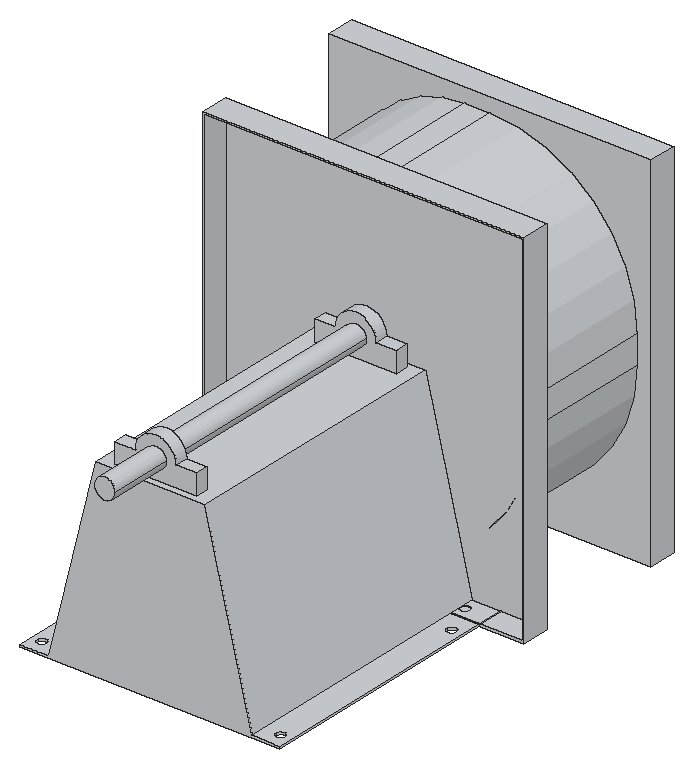
Revit family "CA-4_SWSI_ARR_1_CW_BHD", category Mechanical Equipment, Revit 2019
Family settings
  Round Connector Dimension = Use Radius
  Part Type = Normal
  Work Plane-Based = No
  Always vertical = Yes
  Cut with Voids When Loaded = No
  Shared = No
  Room Calculation Point = No
Parameters (values of type "120_CA-4_SWSI_ARR_1_CW_BHD_CLASS_2")
  S = 7 1/2"
  R = 11 7/16"
  P = 5 23/32"
  O/2 = O / 2  # 11/32"
  O = 11/16"
  ModelID [instance] = ""
  H = 10 3/8"
  E = 10 3/4"
  Accessories [instance] = ""
  ARR_1_U-D = ARR_1_U - D  # 21 5/8"
  ARR_1_K-D = ARR_1_K - D  # 17 5/8"
  ARR_1_J/2 = ARR_1_J / 2  # 23/32"
  ARR_1_J = 1 7/16"
  MOTOR_RAD = ARR_1_J * 3  # 4 5/16"
  M = 18 7/8"
  L = 3"
  K = 15 7/8"
  J = 2"
  INLET_RAD/2 = INLET_RAD / 2  # 4 1/16"
  INLET_RAD+1.5" = INLET_RAD + 1 1/2"  # 9 5/8"
  INLET_RAD = INLET_DIA / 2  # 8 1/8"
  INLET_DIA = 16 1/4"
  G-H = G - H  # 12 3/8"
  G/5 = G / 5  # 4.55"
  G = 22 3/4"
  F = 25 3/4"
  Unit Weight [instance] = ""
  Sones [instance] = ""
  Motor RPM [instance] = ""
  Motor Enclosure [instance] = ""
  LwA [instance] = ""
  Fan RPM [instance] = ""
  E-(INLET_RAD+1.5") = F - E - (INLET_RAD + 1 1/2")  # 5 3/8"
  E+(INLET_RAD+1.5") = F - E + (INLET_RAD + 1 1/2")  # 24 5/8"
  F-E = F - E  # 15"
  D-((D-B)/2) = D - ((D - B) / 2)  # 11 3/16"
  D = 13 3/16"
  B = 9 3/16"
  ARR_2_L-ARR_2_K = ARR_2_L - ARR_2_K  # 17 5/8"
  ARR_2_L = 21 5/8"
  ARR_2_K = 4"
  ARR_1_V = 4"
  ARR_1_U = 34 13/16"
  ARR_1_N = 15 1/8"
  ARR_1_M = 1"
  ARR_1_K = 30 13/16"
  ARR_1_H = 8 7/16"
  ARR_1_G = 9 3/16"
  A = 13 1/8"
  3" = 3"  # constant formula
  Brake Hp [instance] = ""
  4" = 4"  # constant formula
  2ARR_1_J+1" = ARR_1_J + ARR_1_J + 1"  # 3 7/8"
  2ARR_1_J = ARR_1_J + ARR_1_J  # 2 7/8"
  2' = 24"
  2" = 2"  # constant formula
  1" = 1"  # constant formula
  0 = 0"  # constant formula
  Voltage [instance] = 0 V
  URL = "www.lorencook.com"
  Type Comments = "Airfoil Centrifugal Blower Arrangement 1 Clockwise Bottom Horizontal Discharge"  # constant formula
  Static Pressure [instance] = 0.00 in-wg
  Power [instance] = Voltage * Motor FLA * sqrt(if(Phase = 3, 3, 1))  # 0 VA
  Phase [instance] = 0
  Number of Poles [instance] = 1
  Motor Hp [instance] = "0"
  Motor FLA [instance] = 0 A
  Model = "CA-4 SWSI ARR 1 CW BHD CLASS 2"
  Manufacturer = "Loren Cook Company"
  CFM [instance] = 0 CFM
  1.5 = 1 1/2"  # constant formula
  ONE EIGTH = 1/8"  # constant formula
  -ARR_1_J = -ARR_1_J  # -1 7/16"
  -(ARR_2_L - ARR_2_K) = -(ARR_2_L - ARR_2_K)  # -17 5/8"
  -(((K-B)/2)-.125") = -(((K - B) / 2) - 1/8")  # -3 7/32"
  -(((D - B) / 2) - 1/8") = -(((D - B) / 2) - 1/8")  # -1 7/8"
  (R-B)/2 = (R - B) / 2  # 1 1/8"
  ((K-B)/2)+B = ((K - B) / 2) + B  # 12 17/32"
  (D-B)/2 = (D - B) / 2  # 2"
  -(((K-B)/2)+L) = -(((K - B) / 2) + L)  # -6 11/32"
  ((D-B)/2)-.125" = ((D - B) / 2) - 1/8"  # 1 7/8"
Reference planes (in)
  plane 1 "Center (Front/Back)": y = 0
  plane 2: z = 0
  plane 3 "Center (Left/Right)": x = 0.40541
Forms (in)
  Extrusion 1, solid
    sketch origin (0, 0, 0) x (1, 0, 0) y (0, 0, 1)
      loop
        line (-9.96959, 0) -> (12.78041, 0) -> (12.78041, 25.75) -> (-9.96959, 25.75) -> (-9.96959, 0)
    from 0 to 2 <- "(D-B)/2"
  Extrusion 2, solid
    sketch origin (0, 0, 0) x (1, 0, 0) y (0, 0, 1)
      loop
        line (-9.96959, 25.75) -> (-9.96959, 0) -> (12.78041, 0) -> (12.78041, 25.75) -> (-9.96959, 25.75)
    from 13.1875 <- "D" to 11.1875 <- "D-((D-B)/2)"
  Extrusion 3, void
    sketch origin (0, 0, 0) x (1, 0, 0) y (0, 0, 1)
      loop
        line (-9.84459, 25.625) -> (-9.84459, 0.125) -> (12.65541, 0.125) -> (12.65541, 25.625) -> (-9.84459, 25.625)
    from 0 to 1.875 <- "((D-B)/2)-.125""
  Extrusion 4, void
    sketch origin (0, -13.1875, 0) x (-1, 0, 0) y (0, 0, 1)
      loop
        line (9.84459, 25.625) -> (-12.65541, 25.625) -> (-12.65541, 0.125) -> (9.84459, 0.125) -> (9.84459, 25.625)
    from 0 to 1.875 <- "((D-B)/2)-.125""
  Extrusion 5, solid
    sketch origin (0, -2, 0) x (1, 0, 0) y (0, 0, 1)
      loop
        arc (1.40541, 2) -> (8.74165, 5.03877) -> (11.78041, 12.375) r 10.375
        line (11.78041, 12.375) -> (11.78041, 14.375)
        arc (11.78041, 14.375) -> (8.74165, 21.71123) -> (1.40541, 24.75) r 10.375
        line (1.40541, 24.75) -> (-0.34459, 24.75)
        arc (-0.34459, 24.75) -> (-6.13402, 22.35194) -> (-8.53209, 16.5625) r 8.1875
        line (-8.53209, 16.5625) -> (-8.53209, 15.125) -> (-9.96959, 15.125) -> (-9.96959, 2) -> (1.40541, 2)
    from 0 to 9.1875 <- "B"
  Extrusion 6, solid
    sketch origin (0, -13.1875, 0) x (1, 0, 0) y (0, 0, 1)
      loop
        circle (0.40541, 15) r 0.71875
    from -1.875 <- "-(((D - B) / 2) - 1/8")" to 21.625 <- "ARR_1_U-D"
  Extrusion 7, void
    sketch origin (0, 0, 0) x (1, 0, 0) y (0, 1, 0)
      loop
        circle (-7.09459, -0.875) r 0.34375
      loop
        circle (7.90541, -0.875) r 0.34375
      loop
        circle (7.90541, -12.3125) r 0.34375
      loop
        circle (-7.09459, -12.3125) r 0.34375
    from -0.25 to 0.25
  Revolve 8, void
    sketch origin (0.40541, 0, 0) x (0, 1, 0) y (0, 0, 1)
      loop
        arc (-1.875, 23.125) -> (-3.06488, 20.25238) -> (-5.9375, 19.0625) r 4.0625
        line (-5.9375, 19.0625) -> (-5.9375, 15.71875) -> (-1.875, 15.71875) -> (-1.875, 23.125)
      axis (-5.9375, 15) -> (-1.875, 15)
    angle from 0 to 360
  Extrusion 9, solid
    sketch origin (0, -13.1875, 0) x (1, 0, 0) y (0, 0, 1)
      loop
        line (-8.78209, 0) -> (9.59291, 0) -> (9.59291, 0.125) -> (7.59291, 0.125) -> (4.28041, 13.5625) -> (-3.46959, 13.5625) -> (-6.78209, 0.125) -> (-8.78209, 0.125) -> (-8.78209, 0)
    from -1.875 <- "-(((D - B) / 2) - 1/8")" to 17.625 <- "ARR_1_K-D"
  Extrusion 10, solid
    sketch origin (0, -30.8125, 0) x (1, 0, 0) y (0, 0, 1)
      loop
        line (-2.46959, 13.5625) -> (3.28041, 13.5625) -> (3.28041, 15) -> (1.84291, 15)
        arc (1.84291, 15) -> (0.40541, 16.4375) -> (-1.03209, 15) r 1.4375
        line (-1.03209, 15) -> (-2.46959, 15) -> (-2.46959, 13.5625)
      loop
        circle (0.40541, 15) r 0.71875
    from -1.4375 <- "-ARR_1_J" to -0.5
  Extrusion 11, solid
    sketch origin (0, -11.1875, 0) x (-1, 0, 0) y (0, 0, 1)
      loop
        line (2.46959, 15) -> (1.03209, 15)
        arc (1.03209, 15) -> (-0.40541, 16.4375) -> (-1.84291, 15) r 1.4375
        line (-1.84291, 15) -> (-3.28041, 15) -> (-3.28041, 13.5625) -> (2.46959, 13.5625) -> (2.46959, 15)
      loop
        circle (-0.40541, 15) r 0.71875
    from -0.5 to -1.4375 <- "-ARR_1_J"
  Extrusion 12, void
    sketch origin (0, 0, 0) x (1, 0, 0) y (0, 1, 0)
      loop
        circle (8.84291, -14.6875) r 0.34375
      loop
        circle (8.84291, -29.8125) r 0.34375
      loop
        circle (-8.03209, -29.8125) r 0.34375
      loop
        circle (-8.03209, -14.6875) r 0.34375
    from 0.25 to -0.25
Cuts and joins
  Extrusion 3, Extrusion 7, Revolve 8 cuts Extrusion 1
  Extrusion 4, Extrusion 7 cuts Extrusion 2
  Revolve 8 cuts Extrusion 5
  Extrusion 12 cuts Extrusion 9
Dimensions and locks (in)
  "0": Extrusion 1 sketch curve to level
  "F": Extrusion 1 sketch curve to Extrusion 1 sketch curve
  "G-H": Extrusion 1 sketch curve to plane 3 "Center (Left/Right)"
  "G": Extrusion 1 sketch curve to Extrusion 1 sketch curve
  "0": Extrusion 2 sketch curve to level
  "0": Extrusion 1 to Extrusion 2 sketch curve  (x2)
  "0": Extrusion 2 sketch curve to Extrusion 1
  "ONE EIGTH": Extrusion 2 to Extrusion 3 sketch curve  (x2)
  "ONE EIGTH": Extrusion 3 sketch curve to Extrusion 2
  "ONE EIGTH": Extrusion 3 sketch curve to level
  "ONE EIGTH": Extrusion 4 sketch curve to Extrusion 2  (x2)
  "ONE EIGTH": Extrusion 2 to Extrusion 4 sketch curve
  "ONE EIGTH": Extrusion 4 sketch curve to level
  "A": Extrusion 5 sketch curve to Extrusion 5 sketch curve
  "F-E": Extrusion 6 sketch curve to level
  "0": Extrusion 6 sketch curve to plane 3 "Center (Left/Right)"
  "S": Extrusion 7 sketch curve to plane 3 "Center (Left/Right)"  (x2)
  "S": plane 3 "Center (Left/Right)" to Extrusion 7 sketch curve  (x2)
  "(R-B)/2": cut or joined group of Extrusion 1, Extrusion 3, Extrusion 7, Revolve 8 to Extrusion 7 sketch curve  (x2)
  "(R-B)/2": cut or joined group of Extrusion 2, Extrusion 4, Extrusion 7 to Extrusion 7 sketch curve  (x2)
  "F-E": Revolve 8 sketch curve to level
  "ARR_1_J/2": Revolve 8 sketch curve to Revolve 8 sketch curve
  "INLET_RAD/2": Revolve 8 sketch curve to Revolve 8 sketch curve  (x2)
  "INLET_RAD": Revolve 8 sketch curve to Revolve 8 sketch curve
  "0": Revolve 8 sketch curve to cut or joined group of Extrusion 1, Extrusion 3, Extrusion 7, Revolve 8
  "ARR_1_G": Extrusion 9 sketch curve to plane 3 "Center (Left/Right)"
  "ARR_1_G": plane 3 "Center (Left/Right)" to Extrusion 9 sketch curve
  "2ARR_1_J+1"": Extrusion 9 sketch curve to plane 3 "Center (Left/Right)"
  "2ARR_1_J+1"": plane 3 "Center (Left/Right)" to Extrusion 9 sketch curve
  "2"": Extrusion 9 sketch curve to Extrusion 9 sketch curve  (x2)
  "0": Extrusion 9 sketch curve to level
  "ONE EIGTH": Extrusion 9 sketch curve to Extrusion 9 sketch curve  (x2)
  "ARR_1_J/2": Extrusion 6 to Extrusion 9 sketch curve
  "2ARR_1_J": Extrusion 10 sketch curve to plane 3 "Center (Left/Right)"
  "2ARR_1_J": plane 3 "Center (Left/Right)" to Extrusion 10 sketch curve
  "0": Extrusion 10 sketch curve to Extrusion 9
  "ARR_1_J": Extrusion 10 sketch curve to Extrusion 10 sketch curve
  "0": Extrusion 10 sketch curve to plane 3 "Center (Left/Right)"
  "0": plane 3 "Center (Left/Right)" to Extrusion 10 sketch curve
  "0": Extrusion 10 sketch curve to Extrusion 10 sketch curve
  "0": Extrusion 11 sketch curve to Extrusion 9
  "ARR_1_J": Extrusion 11 sketch curve to Extrusion 11 sketch curve  (x2)
  "0": Extrusion 11 sketch curve to Extrusion 11 sketch curve
  "2ARR_1_J": plane 3 "Center (Left/Right)" to Extrusion 11 sketch curve
  "2ARR_1_J": Extrusion 11 sketch curve to plane 3 "Center (Left/Right)"
  "0": Extrusion 11 sketch curve to plane 3 "Center (Left/Right)"
  "0": plane 3 "Center (Left/Right)" to Extrusion 11 sketch curve
  "0": Extrusion 11 sketch curve to Extrusion 10
  "ARR_1_H": plane 3 "Center (Left/Right)" to Extrusion 12 sketch curve  (x2)
  "ARR_1_H": Extrusion 12 sketch curve to plane 3 "Center (Left/Right)"  (x2)
  "ARR_1_M": Extrusion 9 to Extrusion 12 sketch curve  (x2)
  "ARR_1_N": Extrusion 12 sketch curve to Extrusion 12 sketch curve  (x2)
  "1"": Extrusion 5 sketch curve to cut or joined group of Extrusion 2, Extrusion 4, Extrusion 7
  "0": Extrusion 5 sketch curve to cut or joined group of Extrusion 2, Extrusion 4, Extrusion 7
  "J": Extrusion 5 sketch curve to level
  "ARR_1_J": cut or joined group of Extrusion 2, Extrusion 4, Extrusion 7 to Extrusion 5 sketch curve
  "1"": cut or joined group of Extrusion 2, Extrusion 4, Extrusion 7 to Extrusion 5 sketch curve
  "ARR_1_J": Extrusion 5 sketch curve to Extrusion 5 sketch curve
  "1"": Extrusion 5 sketch curve to plane 3 "Center (Left/Right)"  (x2)
  "ARR_1_J/2": radius of Extrusion 6 sketch curve
  "O/2": radius of Extrusion 7 sketch curve  (x4)
  "ARR_1_J": radius of Extrusion 10 sketch curve
  "ARR_1_J/2": radius of Extrusion 10 sketch curve
  "ARR_1_J": radius of Extrusion 11 sketch curve
  "ARR_1_J/2": radius of Extrusion 11 sketch curve
  "O/2": radius of Extrusion 12 sketch curve  (x4)
Automatic sketch dimensions
  Revolve 8 sketch curve to Revolve 8 sketch curve = 53.38466"
  Revolve 8 sketch curve to plane 1 "Center (Front/Back)" = 17.32447"
Connectors (in)
  hvac at (-9.96959, -6.59375, 8.5625), driven by "CFM", driven by "A", driven by "B"
    settings: on cut or joined group of Extrusion 5, Revolve 8, index 1, duct flow 0 CFM, flow factor 0, pres drop 0.00 in-wg, loss coef 0, conn angle 0.00°, conn width 9 3/16", conn height 13 1/8", conn diameter 24", duct sys type 29, conn prof type 1, flow config 0, flow direction 2, loss method 0, conn ref index -1, conn util no, is conn primary yes, conn desc ""
  hvac at (0.40541, -2, 15), driven by "CFM", driven by "INLET_RAD"
    settings: on cut or joined group of Extrusion 1, Extrusion 3, Extrusion 7, Revolve 8, index 2, duct flow 0 CFM, flow factor 0, pres drop 0.00 in-wg, loss coef 0, conn angle 0.00°, conn width 12", conn height 12", conn diameter 16 1/4", duct sys type 29, conn prof type 0, flow config 0, flow direction 1, loss method 0, conn ref index -1, conn util no, is conn primary no, conn desc ""
Types (55): name | S | R | P | O/2 | O | H | E | ARR_1_U-D | ARR_1_K-D | ARR_1_J/2 | ARR_1_J | MOTOR_RAD | M | L | K | J | INLET_RAD/2 | INLET_RAD+1.5" | INLET_RAD | INLET_DIA | G-H | G/5 | G | F | E-(INLET_RAD+1.5") | E+(INLET_RAD+1.5") | F-E | D-((D-B)/2) | D | B | ARR_2_L-ARR_2_K | ARR_2_L | ARR_2_K | ARR_1_V | ARR_1_U | ARR_1_N | ARR_1_M | ARR_1_K | ARR_1_H | ARR_1_G | A | 2ARR_1_J+1" | 2ARR_1_J | Model | -ARR_1_J | -(ARR_2_L - ARR_2_K) | -(((K-B)/2)-.125") | -(((D - B) / 2) - 1/8") | (R-B)/2 | ((K-B)/2)+B | (D-B)/2 | -(((K-B)/2)+L) | ((D-B)/2)-.125"
  (no name) | 7 1/2" | 11 7/16" | 5 23/32" | 11/32" | 11/16" | 10 3/8" | 10 3/4" | 21 5/8" | 17 5/8" | 23/32" | 1 7/16" | 4 5/16" | 18 7/8" | 3" | 15 7/8" | 2" | 4 1/16" | 9 5/8" | 8 1/8" | 16 1/4" | 12 3/8" | 4.55" | 22 3/4" | 25 3/4" | 5 3/8" | 24 5/8" | 15" | 11 3/16" | 13 3/16" | 9 3/16" | 17 5/8" | 21 5/8" | 4" | 4" | 34 13/16" | 15 1/8" | 1" | 30 13/16" | 8 7/16" | 9 3/16" | 13 1/8" | 3 7/8" | 2 7/8" | "CA-4 SWSI ARR 1 CW BHD CLASS 2" | -1 7/16" | -17 5/8" | -3 7/32" | -1 7/8" | 1 1/8" | 12 17/32" | 2" | -6 11/32" | 1 7/8"
  120_CA-4_SWSI_ARR_1_CW_BHD_CLASS_1 | 7 1/2" | 11 7/16" | 5 23/32" | 11/32" | 11/16" | 10 3/8" | 10 3/4" | 21 5/8" | 17 5/8" | 19/32" | 1 3/16" | 3 9/16" | 18 7/8" | 3" | 15 7/8" | 2" | 4 1/16" | 9 5/8" | 8 1/8" | 16 1/4" | 12 3/8" | 4.55" | 22 3/4" | 25 3/4" | 5 3/8" | 24 5/8" | 15" | 11 3/16" | 13 3/16" | 9 3/16" | 17 5/8" | 21 5/8" | 4" | 4" | 34 13/16" | 15 1/8" | 1" | 30 13/16" | 8 7/16" | 9 3/16" | 13 1/8" | 3 3/8" | 2 3/8" | "CA-4 SWSI ARR 1 CW BHD CLASS 1" | -1 3/16" | -17 5/8" | -3 7/32" | -1 7/8" | 1 1/8" | 12 17/32" | 2" | -6 11/32" | 1 7/8"
  135_CA-4_SWSI_ARR_1_CW_BHD_CLASS_1 | 8 1/2" | 12 9/16" | 6 9/32" | 11/32" | 11/16" | 11 5/8" | 12" | 21 5/8" | 17 5/8" | 19/32" | 1 3/16" | 3 9/16" | 20" | 3" | 17" | 2" | 4 7/16" | 10 3/8" | 8 7/8" | 17 3/4" | 13 7/8" | 5.1" | 25 1/2" | 28 3/4" | 6 3/8" | 27 1/8" | 16 3/4" | 12 5/16" | 14 5/16" | 10 5/16" | 17 5/8" | 21 5/8" | 4" | 4" | 35 15/16" | 15 1/8" | 1" | 31 15/16" | 9 3/16" | 9 15/16" | 14 3/4" | 3 3/8" | 2 3/8" | "CA-4 SWSI ARR 1 CW BHD CLASS 1" | -1 3/16" | -17 5/8" | -3 7/32" | -1 7/8" | 1 1/8" | 13 21/32" | 2" | -6 11/32" | 1 7/8"
  150_CA-4_SWSI_ARR_1_CW_BHD_CLASS_1 | 9" | 13 11/16" | 6 27/32" | 11/32" | 11/16" | 12 7/8" | 13 1/4" | 21 5/8" | 17 5/8" | 19/32" | 1 3/16" | 3 9/16" | 21 1/8" | 3" | 18 1/8" | 2" | 4 13/16" | 11 1/8" | 9 5/8" | 19 1/4" | 15 1/4" | 5 5/8" | 28 1/8" | 31 5/8" | 7 1/4" | 29 1/2" | 18 3/8" | 13 7/16" | 15 7/16" | 11 7/16" | 17 5/8" | 21 5/8" | 4" | 4" | 37 1/16" | 15 1/8" | 1" | 33 1/16" | 9 15/16" | 10 11/16" | 16 7/16" | 3 3/8" | 2 3/8" | "CA-4 SWSI ARR 1 CW BHD CLASS 1" | -1 3/16" | -17 5/8" | -3 7/32" | -1 7/8" | 1 1/8" | 14 25/32" | 2" | -6 11/32" | 1 7/8"
  165_CA-4_SWSI_ARR_1_CW_BHD_CLASS_1 | 10" | 14 7/8" | 7 7/16" | 11/32" | 11/16" | 14 1/4" | 14 3/8" | 21 5/8" | 17 5/8" | 19/32" | 1 3/16" | 3 9/16" | 23 15/16" | 4" | 19 5/16" | 2" | 5 5/16" | 12 1/8" | 10 5/8" | 21 1/4" | 16 5/8" | 6.175" | 30 7/8" | 34 3/8" | 7 7/8" | 32 1/8" | 20" | 14 5/8" | 16 5/8" | 12 5/8" | 17 5/8" | 21 5/8" | 4" | 4" | 38 1/4" | 15 1/8" | 1" | 34 1/4" | 10 15/16" | 11 11/16" | 18 1/16" | 3 3/8" | 2 3/8" | "CA-4 SWSI ARR 1 CW BHD CLASS 1" | -1 3/16" | -17 5/8" | -3 7/32" | -1 7/8" | 1 1/8" | 15 31/32" | 2" | -7 11/32" | 1 7/8"
  180_CA-4_SWSI_ARR_1_CW_BHD_CLASS_1 | 11" | 16" | 8" | 11/32" | 11/16" | 15 1/2" | 15 5/8" | 24 3/8" | 20 1/8" | 19/32" | 1 3/16" | 3 9/16" | 24 15/16" | 4 1/2" | 20 7/16" | 2" | 5 11/16" | 12 7/8" | 11 3/8" | 22 3/4" | 18 1/8" | 6.725" | 33 5/8" | 37 1/8" | 8 5/8" | 34 3/8" | 21 1/2" | 15 3/4" | 17 3/4" | 13 3/4" | 20 1/8" | 24 3/8" | 4 1/4" | 4 1/4" | 42 1/8" | 17 5/8" | 1" | 37 7/8" | 11 11/16" | 12 7/16" | 19 11/16" | 3 3/8" | 2 3/8" | "CA-4 SWSI ARR 1 CW BHD CLASS 1" | -1 3/16" | -20 1/8" | -3 7/32" | -1 7/8" | 1 1/8" | 17 3/32" | 2" | -7 27/32" | 1 7/8"
  195_CA-4_SWSI_ARR_1_CW_BHD_CLASS_1 | 11 1/2" | 17 3/16" | 8 19/32" | 11/32" | 11/16" | 16 3/4" | 16 3/4" | 24 3/8" | 20 1/8" | 19/32" | 1 3/16" | 3 9/16" | 27 3/16" | 4 1/2" | 22 11/16" | 2" | 6 1/16" | 13 5/8" | 12 1/8" | 24 1/4" | 19 1/2" | 7 1/4" | 36 1/4" | 40" | 9 5/8" | 36 7/8" | 23 1/4" | 16 15/16" | 18 15/16" | 14 15/16" | 20 1/8" | 24 3/8" | 4 1/4" | 4 1/4" | 43 5/16" | 17 5/8" | 1" | 39 1/16" | 12 7/16" | 13 3/16" | 21 5/16" | 3 3/8" | 2 3/8" | "CA-4 SWSI ARR 1 CW BHD CLASS 1" | -1 3/16" | -20 1/8" | -3 3/4" | -1 7/8" | 1 1/8" | 18 13/16" | 2" | -8 3/8" | 1 7/8"
  210_CA-4_SWSI_ARR_1_CW_BHD_CLASS_1 | 12" | 18 5/16" | 9 5/32" | 13/32" | 13/16" | 18 1/8" | 18" | 26 3/8" | 22 1/8" | 23/32" | 1 7/16" | 4 5/16" | 28 13/16" | 5" | 23 13/16" | 2" | 6 1/2" | 14 1/2" | 13" | 26" | 21" | 7.825" | 39 1/8" | 42 7/8" | 10 3/8" | 39 3/8" | 24 7/8" | 18 1/16" | 20 1/16" | 16 1/16" | 23 1/8" | 27 3/8" | 4 1/4" | 4 1/4" | 46 7/16" | 19 9/16" | 1" | 42 3/16" | 13 5/16" | 14 1/16" | 23" | 3 7/8" | 2 7/8" | "CA-4 SWSI ARR 1 CW BHD CLASS 1" | -1 7/16" | -23 1/8" | -3 3/4" | -1 7/8" | 1 1/8" | 19 15/16" | 2" | -8 7/8" | 1 7/8"
  225_CA-4_SWSI_ARR_1_CW_BHD_CLASS_1 | 12 1/2" | 19 7/16" | 9 23/32" | 13/32" | 13/16" | 19 3/8" | 19 1/4" | 26 3/8" | 22 1/8" | 23/32" | 1 7/16" | 4 5/16" | 29 15/16" | 5" | 24 15/16" | 2" | 6 7/8" | 15 1/4" | 13 3/4" | 27 1/2" | 22 3/8" | 8.35" | 41 3/4" | 45 3/4" | 11 1/4" | 41 3/4" | 26 1/2" | 19 3/16" | 21 3/16" | 17 3/16" | 23 1/8" | 27 3/8" | 4 1/4" | 4 1/4" | 47 9/16" | 19 9/16" | 1" | 43 5/16" | 14 1/16" | 14 13/16" | 24 5/8" | 3 7/8" | 2 7/8" | "CA-4 SWSI ARR 1 CW BHD CLASS 1" | -1 7/16" | -23 1/8" | -3 3/4" | -1 7/8" | 1 1/8" | 21 1/16" | 2" | -8 7/8" | 1 7/8"
  245_CA-4_SWSI_ARR_1_CW_BHD_CLASS_1 | 13 1/2" | 21" | 10 1/2" | 13/32" | 13/16" | 21 1/8" | 20 7/8" | 27 13/16" | 22 5/8" | 27/32" | 1 11/16" | 5 1/16" | 32" | 5 1/2" | 26 1/2" | 2" | 7 3/8" | 16 1/4" | 14 3/4" | 29 1/2" | 24 1/4" | 9.075" | 45 3/8" | 49 1/2" | 12 3/8" | 44 7/8" | 28 5/8" | 20 3/4" | 22 3/4" | 18 3/4" | 22 9/16" | 27 13/16" | 5 1/4" | 5 1/4" | 50 9/16" | 20 1/8" | 1" | 45 3/8" | 15 1/16" | 15 13/16" | 26 13/16" | 4 3/8" | 3 3/8" | "CA-4 SWSI ARR 1 CW BHD CLASS 1" | -1 11/16" | -22 9/16" | -3 3/4" | -1 7/8" | 1 1/8" | 22 5/8" | 2" | -9 3/8" | 1 7/8"
  270_CA-4_SWSI_ARR_1_CW_BHD_CLASS_1 | 15" | 22 7/8" | 11 7/16" | 13/32" | 13/16" | 23 1/4" | 23 3/8" | 27 13/16" | 22 5/8" | 27/32" | 1 11/16" | 5 1/16" | 34 3/8" | 6" | 28 3/8" | 2" | 8" | 17 1/2" | 16" | 32" | 26 5/8" | 9.975" | 49 7/8" | 54 3/4" | 13 7/8" | 48 7/8" | 31 3/8" | 22 5/8" | 24 5/8" | 20 5/8" | 22 9/16" | 27 13/16" | 5 1/4" | 5 1/4" | 52 7/16" | 20 1/8" | 1" | 47 1/4" | 16 7/16" | 17 3/16" | 29 9/16" | 4 3/8" | 3 3/8" | "CA-4 SWSI ARR 1 CW BHD CLASS 1" | -1 11/16" | -22 9/16" | -3 3/4" | -1 7/8" | 1 1/8" | 24 1/2" | 2" | -9 7/8" | 1 7/8"
  300_CA-4_SWSI_ARR_1_CW_BHD_CLASS_1 | 16 1/2" | 25 3/16" | 12 19/32" | 13/32" | 13/16" | 25 7/8" | 25 3/8" | 30 3/4" | 24 7/8" | 31/32" | 1 15/16" | 5 13/16" | 37 3/16" | 6 1/2" | 30 11/16" | 2" | 8 3/4" | 19" | 17 1/2" | 35" | 29 1/2" | 11.075" | 55 3/8" | 60" | 15 5/8" | 53 5/8" | 34 5/8" | 24 15/16" | 26 15/16" | 22 15/16" | 24 7/8" | 30 3/4" | 5 7/8" | 5 7/8" | 57 11/16" | 22 3/8" | 1" | 51 13/16" | 17 15/16" | 18 11/16" | 32 13/16" | 4 7/8" | 3 7/8" | "CA-4 SWSI ARR 1 CW BHD CLASS 1" | -1 15/16" | -24 7/8" | -3 3/4" | -1 7/8" | 1 1/8" | 26 13/16" | 2" | -10 3/8" | 1 7/8"
  330_CA-4_SWSI_ARR_1_CW_BHD_CLASS_1 | 18" | 27 1/2" | 13 3/4" | 13/32" | 13/16" | 28 3/8" | 27 7/8" | 30 3/4" | 24 7/8" | 31/32" | 1 15/16" | 5 13/16" | 40" | 7" | 33" | 2" | 9 1/2" | 20 1/2" | 19" | 38" | 32 3/8" | 12.15" | 60 3/4" | 65 3/4" | 17 3/8" | 58 3/8" | 37 7/8" | 27 1/4" | 29 1/4" | 25 1/4" | 24 7/8" | 30 3/4" | 5 7/8" | 5 7/8" | 60" | 22 3/8" | 1" | 54 1/8" | 19 7/16" | 20 3/16" | 36 1/8" | 4 7/8" | 3 7/8" | "CA-4 SWSI ARR 1 CW BHD CLASS 1" | -1 15/16" | -24 7/8" | -3 3/4" | -1 7/8" | 1 1/8" | 29 1/8" | 2" | -10 7/8" | 1 7/8"
  365_CA-4_SWSI_ARR_1_CW_BHD_CLASS_1 | 20" | 30 1/8" | 15 1/16" | 13/32" | 13/16" | 31 3/8" | 30 5/8" | 33" | 27 1/8" | 1 3/32" | 2 3/16" | 6 9/16" | 43 1/8" | 7 1/2" | 35 5/8" | 2" | 10 3/8" | 22 1/4" | 20 3/4" | 41 1/2" | 35 5/8" | 13.4" | 67" | 72 3/8" | 19 1/2" | 64" | 41 3/4" | 29 7/8" | 31 7/8" | 27 7/8" | 27 1/8" | 33" | 5 7/8" | 5 7/8" | 64 7/8" | 24 5/8" | 1" | 59" | 21 11/16" | 22 7/16" | 39 15/16" | 5 3/8" | 4 3/8" | "CA-4 SWSI ARR 1 CW BHD CLASS 1" | -2 3/16" | -27 1/8" | -3 3/4" | -1 7/8" | 1 1/8" | 31 3/4" | 2" | -11 3/8" | 1 7/8"
  402_CA-4_SWSI_ARR_1_CW_BHD_CLASS_1 | 22" | 34 1/4" | 17 1/8" | 17/32" | 1 1/16" | 34 5/8" | 33 5/8" | 31 5/16" | 26 3/16" | 1 3/32" | 2 3/16" | 6 9/16" | 46 5/8" | 8" | 38 5/8" | 3" | 11 5/16" | 24 1/8" | 22 5/8" | 45 1/4" | 39 1/4" | 14.775" | 73 7/8" | 80 3/8" | 22 5/8" | 70 7/8" | 46 3/4" | 33 3/4" | 36 3/4" | 30 3/4" | 25 7/16" | 31 5/16" | 5 7/8" | 5 7/8" | 68 1/16" | 23 13/16" | 1 1/4" | 62 15/16" | 22 3/8" | 24 3/8" | 44 1/16" | 5 3/8" | 4 3/8" | "CA-4 SWSI ARR 1 CW BHD CLASS 1" | -2 3/16" | -25 7/16" | -3 13/16" | -2 7/8" | 1 3/4" | 34 11/16" | 3" | -11 15/16" | 2 7/8"
  445_CA-4_SWSI_ARR_1_CW_BHD_CLASS_1 | 24" | 37 1/2" | 18 3/4" | 17/32" | 1 1/16" | 38 1/4" | 37 1/8" | 33 1/16" | 26 15/16" | 1 7/32" | 2 7/16" | 7 5/16" | 50 3/8" | 8 1/2" | 41 7/8" | 3" | 12 3/8" | 26 1/4" | 24 3/4" | 49 1/2" | 43 1/4" | 16.3" | 81 1/2" | 88 1/2" | 25 1/8" | 77 5/8" | 51 3/8" | 37" | 40" | 34" | 26 11/16" | 33 1/16" | 6 3/8" | 6 3/8" | 73 1/16" | 24 9/16" | 1 1/4" | 66 15/16" | 25 1/2" | 26 1/2" | 48 11/16" | 5 7/8" | 4 7/8" | "CA-4 SWSI ARR 1 CW BHD CLASS 1" | -2 7/16" | -26 11/16" | -3 13/16" | -2 7/8" | 1 3/4" | 37 15/16" | 3" | -12 7/16" | 2 7/8"
  490_CA-4_SWSI_ARR_1_CW_BHD_CLASS_1 | 26 1/2" | 40 15/16" | 20 15/32" | 17/32" | 1 1/16" | 42 1/4" | 40 3/4" | 33 1/16" | 26 15/16" | 1 7/32" | 2 7/16" | 7 5/16" | 55 5/16" | 9" | 46 5/16" | 3" | 13 3/4" | 29" | 27 1/2" | 55" | 47 1/2" | 17.95" | 89 3/4" | 97" | 27 1/4" | 85 1/4" | 56 1/4" | 40 7/16" | 43 7/16" | 37 7/16" | 26 11/16" | 33 1/16" | 6 3/8" | 6 3/8" | 76 1/2" | 24 9/16" | 1 1/4" | 70 3/8" | 28 1/4" | 29 1/4" | 53 5/8" | 5 7/8" | 4 7/8" | "CA-4 SWSI ARR 1 CW BHD CLASS 1" | -2 7/16" | -26 11/16" | -4 5/16" | -2 7/8" | 1 3/4" | 41 7/8" | 3" | -13 7/16" | 2 7/8"
  540_CA-4_SWSI_ARR_1_CW_BHD_CLASS_1 | 29" | 44 3/4" | 22 3/8" | 17/32" | 1 1/16" | 46 1/2" | 44 7/8" | 34 3/8" | 27" | 1 15/32" | 2 15/16" | 8 13/16" | 61 5/8" | 9 1/2" | 52 1/8" | 3" | 15" | 31 1/2" | 30" | 60" | 52 1/4" | 19 3/4" | 98 3/4" | 106 5/8" | 30 1/4" | 93 1/4" | 61 3/4" | 44 1/4" | 47 1/4" | 41 1/4" | 26 7/8" | 34 3/8" | 7 1/2" | 7 1/2" | 81 5/8" | 24 9/16" | 1 1/4" | 74 1/4" | 30 3/4" | 31 3/4" | 59 1/16" | 6 7/8" | 5 7/8" | "CA-4 SWSI ARR 1 CW BHD CLASS 1" | -2 15/16" | -26 7/8" | -5 5/16" | -2 7/8" | 1 3/4" | 46 11/16" | 3" | -14 15/16" | 2 7/8"
  600_CA-4_SWSI_ARR_1_CW_BHD_CLASS_1 | 32" | 49 5/16" | 24 21/32" | 17/32" | 1 1/16" | 51 5/8" | 49 3/4" | 34 3/8" | 27" | 1 15/32" | 2 15/16" | 8 13/16" | 66 11/16" | 10" | 56 11/16" | 3" | 16 1/2" | 34 1/2" | 33" | 66" | 58" | 21.925" | 109 5/8" | 118" | 33 3/4" | 102 3/4" | 68 1/4" | 48 13/16" | 51 13/16" | 45 13/16" | 26 7/8" | 34 3/8" | 7 1/2" | 7 1/2" | 86 3/16" | 24 9/16" | 1 1/4" | 78 13/16" | 33 3/4" | 34 3/4" | 65 5/8" | 6 7/8" | 5 7/8" | "CA-4 SWSI ARR 1 CW BHD CLASS 1" | -2 15/16" | -26 7/8" | -5 5/16" | -2 7/8" | 1 3/4" | 51 1/4" | 3" | -15 7/16" | 2 7/8"
  120_CA-4_SWSI_ARR_1_CW_BHD_CLASS_2 | 7 1/2" | 11 7/16" | 5 23/32" | 11/32" | 11/16" | 10 3/8" | 10 3/4" | 21 5/8" | 17 5/8" | 23/32" | 1 7/16" | 4 5/16" | 18 7/8" | 3" | 15 7/8" | 2" | 4 1/16" | 9 5/8" | 8 1/8" | 16 1/4" | 12 3/8" | 4.55" | 22 3/4" | 25 3/4" | 5 3/8" | 24 5/8" | 15" | 11 3/16" | 13 3/16" | 9 3/16" | 17 5/8" | 21 5/8" | 4" | 4" | 34 13/16" | 15 1/8" | 1" | 30 13/16" | 8 7/16" | 9 3/16" | 13 1/8" | 3 7/8" | 2 7/8" | "CA-4 SWSI ARR 1 CW BHD CLASS 2" | -1 7/16" | -17 5/8" | -3 7/32" | -1 7/8" | 1 1/8" | 12 17/32" | 2" | -6 11/32" | 1 7/8"
  120_CA-4_SWSI_ARR_1_CW_BHD_CLASS_3 | 7 1/2" | 11 7/16" | 5 23/32" | 11/32" | 11/16" | 10 3/8" | 10 3/4" | 21 5/8" | 17 5/8" | 23/32" | 1 7/16" | 4 5/16" | 18 7/8" | 3" | 15 7/8" | 2" | 4 1/16" | 9 5/8" | 8 1/8" | 16 1/4" | 12 3/8" | 4.55" | 22 3/4" | 25 3/4" | 5 3/8" | 24 5/8" | 15" | 11 3/16" | 13 3/16" | 9 3/16" | 17 5/8" | 21 5/8" | 4" | 4" | 34 13/16" | 15 1/8" | 1" | 30 13/16" | 8 7/16" | 9 3/16" | 13 1/8" | 3 7/8" | 2 7/8" | "CA-4 SWSI ARR 1 CW BHD CLASS 3" | -1 7/16" | -17 5/8" | -3 7/32" | -1 7/8" | 1 1/8" | 12 17/32" | 2" | -6 11/32" | 1 7/8"
  135_CA-4_SWSI_ARR_1_CW_BHD_CLASS_2 | 8 1/2" | 12 9/16" | 6 9/32" | 11/32" | 11/16" | 11 5/8" | 12" | 21 5/8" | 17 5/8" | 23/32" | 1 7/16" | 4 5/16" | 20" | 3" | 17" | 2" | 4 7/16" | 10 3/8" | 8 7/8" | 17 3/4" | 13 7/8" | 5.1" | 25 1/2" | 28 3/4" | 6 3/8" | 27 1/8" | 16 3/4" | 12 5/16" | 14 5/16" | 10 5/16" | 17 5/8" | 21 5/8" | 4" | 4" | 35 15/16" | 15 1/8" | 1" | 31 15/16" | 9 3/16" | 9 15/16" | 14 3/4" | 3 7/8" | 2 7/8" | "CA-4 SWSI ARR 1 CW BHD CLASS 2" | -1 7/16" | -17 5/8" | -3 7/32" | -1 7/8" | 1 1/8" | 13 21/32" | 2" | -6 11/32" | 1 7/8"
  135_CA-4_SWSI_ARR_1_CW_BHD_CLASS_3 | 8 1/2" | 12 9/16" | 6 9/32" | 11/32" | 11/16" | 11 5/8" | 12" | 21 5/8" | 17 5/8" | 23/32" | 1 7/16" | 4 5/16" | 20" | 3" | 17" | 2" | 4 7/16" | 10 3/8" | 8 7/8" | 17 3/4" | 13 7/8" | 5.1" | 25 1/2" | 28 3/4" | 6 3/8" | 27 1/8" | 16 3/4" | 12 5/16" | 14 5/16" | 10 5/16" | 17 5/8" | 21 5/8" | 4" | 4" | 35 15/16" | 15 1/8" | 1" | 31 15/16" | 9 3/16" | 9 15/16" | 14 3/4" | 3 7/8" | 2 7/8" | "CA-4 SWSI ARR 1 CW BHD CLASS 3" | -1 7/16" | -17 5/8" | -3 7/32" | -1 7/8" | 1 1/8" | 13 21/32" | 2" | -6 11/32" | 1 7/8"
  150_CA-4_SWSI_ARR_1_CW_BHD_CLASS_2 | 9" | 13 11/16" | 6 27/32" | 11/32" | 11/16" | 12 7/8" | 13 1/4" | 21 5/8" | 17 5/8" | 23/32" | 1 7/16" | 4 5/16" | 21 1/8" | 3" | 18 1/8" | 2" | 4 13/16" | 11 1/8" | 9 5/8" | 19 1/4" | 15 1/4" | 5 5/8" | 28 1/8" | 31 5/8" | 7 1/4" | 29 1/2" | 18 3/8" | 13 7/16" | 15 7/16" | 11 7/16" | 17 5/8" | 21 5/8" | 4" | 4" | 37 1/16" | 15 1/8" | 1" | 33 1/16" | 9 15/16" | 10 11/16" | 16 7/16" | 3 7/8" | 2 7/8" | "CA-4 SWSI ARR 1 CW BHD CLASS 2" | -1 7/16" | -17 5/8" | -3 7/32" | -1 7/8" | 1 1/8" | 14 25/32" | 2" | -6 11/32" | 1 7/8"
  150_CA-4_SWSI_ARR_1_CW_BHD_CLASS_3 | 9" | 13 11/16" | 6 27/32" | 11/32" | 11/16" | 12 7/8" | 13 1/4" | 21 5/8" | 17 5/8" | 23/32" | 1 7/16" | 4 5/16" | 21 1/8" | 3" | 18 1/8" | 2" | 4 13/16" | 11 1/8" | 9 5/8" | 19 1/4" | 15 1/4" | 5 5/8" | 28 1/8" | 31 5/8" | 7 1/4" | 29 1/2" | 18 3/8" | 13 7/16" | 15 7/16" | 11 7/16" | 17 5/8" | 21 5/8" | 4" | 4" | 37 1/16" | 15 1/8" | 1" | 33 1/16" | 9 15/16" | 10 11/16" | 16 7/16" | 3 7/8" | 2 7/8" | "CA-4 SWSI ARR 1 CW BHD CLASS 3" | -1 7/16" | -17 5/8" | -3 7/32" | -1 7/8" | 1 1/8" | 14 25/32" | 2" | -6 11/32" | 1 7/8"
  165_CA-4_SWSI_ARR_1_CW_BHD_CLASS_2 | 10" | 14 7/8" | 7 7/16" | 11/32" | 11/16" | 14 1/4" | 14 3/8" | 21 5/8" | 17 5/8" | 23/32" | 1 7/16" | 4 5/16" | 23 15/16" | 4" | 19 5/16" | 2" | 5 5/16" | 12 1/8" | 10 5/8" | 21 1/4" | 16 5/8" | 6.175" | 30 7/8" | 34 3/8" | 7 7/8" | 32 1/8" | 20" | 14 5/8" | 16 5/8" | 12 5/8" | 17 5/8" | 21 5/8" | 4" | 4" | 38 1/4" | 15 1/8" | 1" | 34 1/4" | 10 15/16" | 11 11/16" | 18 1/16" | 3 7/8" | 2 7/8" | "CA-4 SWSI ARR 1 CW BHD CLASS 2" | -1 7/16" | -17 5/8" | -3 7/32" | -1 7/8" | 1 1/8" | 15 31/32" | 2" | -7 11/32" | 1 7/8"
  165_CA-4_SWSI_ARR_1_CW_BHD_CLASS_3 | 10" | 14 7/8" | 7 7/16" | 11/32" | 11/16" | 14 1/4" | 14 3/8" | 21 5/8" | 17 5/8" | 23/32" | 1 7/16" | 4 5/16" | 23 15/16" | 4" | 19 5/16" | 2" | 5 5/16" | 12 1/8" | 10 5/8" | 21 1/4" | 16 5/8" | 6.175" | 30 7/8" | 34 3/8" | 7 7/8" | 32 1/8" | 20" | 14 5/8" | 16 5/8" | 12 5/8" | 17 5/8" | 21 5/8" | 4" | 4" | 38 1/4" | 15 1/8" | 1" | 34 1/4" | 10 15/16" | 11 11/16" | 18 1/16" | 3 7/8" | 2 7/8" | "CA-4 SWSI ARR 1 CW BHD CLASS 3" | -1 7/16" | -17 5/8" | -3 7/32" | -1 7/8" | 1 1/8" | 15 31/32" | 2" | -7 11/32" | 1 7/8"
  180_CA-4_SWSI_ARR_1_CW_BHD_CLASS_2 | 11" | 16" | 8" | 11/32" | 11/16" | 15 1/2" | 15 5/8" | 24 3/8" | 20 1/8" | 23/32" | 1 7/16" | 4 5/16" | 24 15/16" | 4 1/2" | 20 7/16" | 2" | 5 11/16" | 12 7/8" | 11 3/8" | 22 3/4" | 18 1/8" | 6.725" | 33 5/8" | 37 1/8" | 8 5/8" | 34 3/8" | 21 1/2" | 15 3/4" | 17 3/4" | 13 3/4" | 20 1/8" | 24 3/8" | 4 1/4" | 4 1/4" | 42 1/8" | 17 5/8" | 1" | 37 7/8" | 11 11/16" | 12 7/16" | 19 11/16" | 3 7/8" | 2 7/8" | "CA-4 SWSI ARR 1 CW BHD CLASS 2" | -1 7/16" | -20 1/8" | -3 7/32" | -1 7/8" | 1 1/8" | 17 3/32" | 2" | -7 27/32" | 1 7/8"
  180_CA-4_SWSI_ARR_1_CW_BHD_CLASS_3 | 11" | 16" | 8" | 11/32" | 11/16" | 15 1/2" | 15 5/8" | 24 3/8" | 20 1/8" | 27/32" | 1 11/16" | 5 1/16" | 24 15/16" | 4 1/2" | 20 7/16" | 2" | 5 11/16" | 12 7/8" | 11 3/8" | 22 3/4" | 18 1/8" | 6.725" | 33 5/8" | 37 1/8" | 8 5/8" | 34 3/8" | 21 1/2" | 15 3/4" | 17 3/4" | 13 3/4" | 20 1/8" | 24 3/8" | 4 1/4" | 4 1/4" | 42 1/8" | 17 5/8" | 1" | 37 7/8" | 11 11/16" | 12 7/16" | 19 11/16" | 4 3/8" | 3 3/8" | "CA-4 SWSI ARR 1 CW BHD CLASS 3" | -1 11/16" | -20 1/8" | -3 7/32" | -1 7/8" | 1 1/8" | 17 3/32" | 2" | -7 27/32" | 1 7/8"
  195_CA-4_SWSI_ARR_1_CW_BHD_CLASS_2 | 11 1/2" | 17 3/16" | 8 19/32" | 11/32" | 11/16" | 16 3/4" | 16 3/4" | 24 3/8" | 20 1/8" | 23/32" | 1 7/16" | 4 5/16" | 27 3/16" | 4 1/2" | 22 11/16" | 2" | 6 1/16" | 13 5/8" | 12 1/8" | 24 1/4" | 19 1/2" | 7 1/4" | 36 1/4" | 40" | 9 5/8" | 36 7/8" | 23 1/4" | 16 15/16" | 18 15/16" | 14 15/16" | 20 1/8" | 24 3/8" | 4 1/4" | 4 1/4" | 43 5/16" | 17 5/8" | 1" | 39 1/16" | 12 7/16" | 13 3/16" | 21 5/16" | 3 7/8" | 2 7/8" | "CA-4 SWSI ARR 1 CW BHD CLASS 2" | -1 7/16" | -20 1/8" | -3 3/4" | -1 7/8" | 1 1/8" | 18 13/16" | 2" | -8 3/8" | 1 7/8"
  195_CA-4_SWSI_ARR_1_CW_BHD_CLASS_3 | 11 1/2" | 17 3/16" | 8 19/32" | 11/32" | 11/16" | 16 3/4" | 16 3/4" | 24 3/8" | 20 1/8" | 27/32" | 1 11/16" | 5 1/16" | 27 3/16" | 4 1/2" | 22 11/16" | 2" | 6 1/16" | 13 5/8" | 12 1/8" | 24 1/4" | 19 1/2" | 7 1/4" | 36 1/4" | 40" | 9 5/8" | 36 7/8" | 23 1/4" | 16 15/16" | 18 15/16" | 14 15/16" | 20 1/8" | 24 3/8" | 4 1/4" | 4 1/4" | 43 5/16" | 17 5/8" | 1" | 39 1/16" | 12 7/16" | 13 3/16" | 21 5/16" | 4 3/8" | 3 3/8" | "CA-4 SWSI ARR 1 CW BHD CLASS 3" | -1 11/16" | -20 1/8" | -3 3/4" | -1 7/8" | 1 1/8" | 18 13/16" | 2" | -8 3/8" | 1 7/8"
  210_CA-4_SWSI_ARR_1_CW_BHD_CLASS_3 | 12" | 18 5/16" | 9 5/32" | 13/32" | 13/16" | 18 1/8" | 18" | 26 3/8" | 22 1/8" | 31/32" | 1 15/16" | 5 13/16" | 28 13/16" | 5" | 23 13/16" | 2" | 6 1/2" | 14 1/2" | 13" | 26" | 21" | 7.825" | 39 1/8" | 42 7/8" | 10 3/8" | 39 3/8" | 24 7/8" | 18 1/16" | 20 1/16" | 16 1/16" | 23 1/8" | 27 3/8" | 4 1/4" | 4 1/4" | 46 7/16" | 19 9/16" | 1" | 42 3/16" | 13 5/16" | 14 1/16" | 23" | 4 7/8" | 3 7/8" | "CA-4 SWSI ARR 1 CW BHD CLASS 3" | -1 15/16" | -23 1/8" | -3 3/4" | -1 7/8" | 1 1/8" | 19 15/16" | 2" | -8 7/8" | 1 7/8"
  210_CA-4_SWSI_ARR_1_CW_BHD_CLASS_2 | 12" | 18 5/16" | 9 5/32" | 13/32" | 13/16" | 18 1/8" | 18" | 26 3/8" | 22 1/8" | 27/32" | 1 11/16" | 5 1/16" | 28 13/16" | 5" | 23 13/16" | 2" | 6 1/2" | 14 1/2" | 13" | 26" | 21" | 7.825" | 39 1/8" | 42 7/8" | 10 3/8" | 39 3/8" | 24 7/8" | 18 1/16" | 20 1/16" | 16 1/16" | 23 1/8" | 27 3/8" | 4 1/4" | 4 1/4" | 46 7/16" | 19 9/16" | 1" | 42 3/16" | 13 5/16" | 14 1/16" | 23" | 4 3/8" | 3 3/8" | "CA-4 SWSI ARR 1 CW BHD CLASS 2" | -1 11/16" | -23 1/8" | -3 3/4" | -1 7/8" | 1 1/8" | 19 15/16" | 2" | -8 7/8" | 1 7/8"
  225_CA-4_SWSI_ARR_1_CW_BHD_CLASS_2 | 12 1/2" | 19 7/16" | 9 23/32" | 13/32" | 13/16" | 19 3/8" | 19 1/4" | 26 3/8" | 22 1/8" | 27/32" | 1 11/16" | 5 1/16" | 29 15/16" | 5" | 24 15/16" | 2" | 6 7/8" | 15 1/4" | 13 3/4" | 27 1/2" | 22 3/8" | 8.35" | 41 3/4" | 45 3/4" | 11 1/4" | 41 3/4" | 26 1/2" | 19 3/16" | 21 3/16" | 17 3/16" | 23 1/8" | 27 3/8" | 4 1/4" | 4 1/4" | 47 9/16" | 19 9/16" | 1" | 43 5/16" | 14 1/16" | 14 13/16" | 24 5/8" | 4 3/8" | 3 3/8" | "CA-4 SWSI ARR 1 CW BHD CLASS 2" | -1 11/16" | -23 1/8" | -3 3/4" | -1 7/8" | 1 1/8" | 21 1/16" | 2" | -8 7/8" | 1 7/8"
  225_CA-4_SWSI_ARR_1_CW_BHD_CLASS_3 | 12 1/2" | 19 7/16" | 9 23/32" | 13/32" | 13/16" | 19 3/8" | 19 1/4" | 26 3/8" | 22 1/8" | 31/32" | 1 15/16" | 5 13/16" | 29 15/16" | 5" | 24 15/16" | 2" | 6 7/8" | 15 1/4" | 13 3/4" | 27 1/2" | 22 3/8" | 8.35" | 41 3/4" | 45 3/4" | 11 1/4" | 41 3/4" | 26 1/2" | 19 3/16" | 21 3/16" | 17 3/16" | 23 1/8" | 27 3/8" | 4 1/4" | 4 1/4" | 47 9/16" | 19 9/16" | 1" | 43 5/16" | 14 1/16" | 14 13/16" | 24 5/8" | 4 7/8" | 3 7/8" | "CA-4 SWSI ARR 1 CW BHD CLASS 3" | -1 15/16" | -23 1/8" | -3 3/4" | -1 7/8" | 1 1/8" | 21 1/16" | 2" | -8 7/8" | 1 7/8"
  245_CA-4_SWSI_ARR_1_CW_BHD_CLASS_2 | 13 1/2" | 21" | 10 1/2" | 13/32" | 13/16" | 21 1/8" | 20 7/8" | 27 13/16" | 22 5/8" | 31/32" | 1 15/16" | 5 13/16" | 32" | 5 1/2" | 26 1/2" | 2" | 7 3/8" | 16 1/4" | 14 3/4" | 29 1/2" | 24 1/4" | 9.075" | 45 3/8" | 49 1/2" | 12 3/8" | 44 7/8" | 28 5/8" | 20 3/4" | 22 3/4" | 18 3/4" | 22 9/16" | 27 13/16" | 5 1/4" | 5 1/4" | 50 9/16" | 20 1/8" | 1" | 45 3/8" | 15 1/16" | 15 13/16" | 26 13/16" | 4 7/8" | 3 7/8" | "CA-4 SWSI ARR 1 CW BHD CLASS 2" | -1 15/16" | -22 9/16" | -3 3/4" | -1 7/8" | 1 1/8" | 22 5/8" | 2" | -9 3/8" | 1 7/8"
  245_CA-4_SWSI_ARR_1_CW_BHD_CLASS_3 | 13 1/2" | 21" | 10 1/2" | 13/32" | 13/16" | 21 1/8" | 20 7/8" | 27 13/16" | 22 5/8" | 1 7/32" | 2 7/16" | 7 5/16" | 32" | 5 1/2" | 26 1/2" | 2" | 7 3/8" | 16 1/4" | 14 3/4" | 29 1/2" | 24 1/4" | 9.075" | 45 3/8" | 49 1/2" | 12 3/8" | 44 7/8" | 28 5/8" | 20 3/4" | 22 3/4" | 18 3/4" | 22 9/16" | 27 13/16" | 5 1/4" | 5 1/4" | 50 9/16" | 20 1/8" | 1" | 45 3/8" | 15 1/16" | 15 13/16" | 26 13/16" | 5 7/8" | 4 7/8" | "CA-4 SWSI ARR 1 CW BHD CLASS 3" | -2 7/16" | -22 9/16" | -3 3/4" | -1 7/8" | 1 1/8" | 22 5/8" | 2" | -9 3/8" | 1 7/8"
  270_CA-4_SWSI_ARR_1_CW_BHD_CLASS_2 | 15" | 22 7/8" | 11 7/16" | 13/32" | 13/16" | 23 1/4" | 23 3/8" | 27 13/16" | 22 5/8" | 31/32" | 1 15/16" | 5 13/16" | 34 3/8" | 6" | 28 3/8" | 2" | 8" | 17 1/2" | 16" | 32" | 26 5/8" | 9.975" | 49 7/8" | 54 3/4" | 13 7/8" | 48 7/8" | 31 3/8" | 22 5/8" | 24 5/8" | 20 5/8" | 22 9/16" | 27 13/16" | 5 1/4" | 5 1/4" | 52 7/16" | 20 1/8" | 1" | 47 1/4" | 16 7/16" | 17 3/16" | 29 9/16" | 4 7/8" | 3 7/8" | "CA-4 SWSI ARR 1 CW BHD CLASS 2" | -1 15/16" | -22 9/16" | -3 3/4" | -1 7/8" | 1 1/8" | 24 1/2" | 2" | -9 7/8" | 1 7/8"
  270_CA-4_SWSI_ARR_1_CW_BHD_CLASS_3 | 15" | 22 7/8" | 11 7/16" | 13/32" | 13/16" | 23 1/4" | 23 3/8" | 27 13/16" | 22 5/8" | 1 3/32" | 2 3/16" | 6 9/16" | 34 3/8" | 6" | 28 3/8" | 2" | 8" | 17 1/2" | 16" | 32" | 26 5/8" | 9.975" | 49 7/8" | 54 3/4" | 13 7/8" | 48 7/8" | 31 3/8" | 22 5/8" | 24 5/8" | 20 5/8" | 22 9/16" | 27 13/16" | 5 1/4" | 5 1/4" | 52 7/16" | 20 1/8" | 1" | 47 1/4" | 16 7/16" | 17 3/16" | 29 9/16" | 5 3/8" | 4 3/8" | "CA-4 SWSI ARR 1 CW BHD CLASS 3" | -2 3/16" | -22 9/16" | -3 3/4" | -1 7/8" | 1 1/8" | 24 1/2" | 2" | -9 7/8" | 1 7/8"
  300_CA-4_SWSI_ARR_1_CW_BHD_CLASS_2 | 16 1/2" | 25 3/16" | 12 19/32" | 13/32" | 13/16" | 25 7/8" | 25 3/8" | 30 3/4" | 24 7/8" | 1 3/32" | 2 3/16" | 6 9/16" | 37 3/16" | 6 1/2" | 30 11/16" | 2" | 8 3/4" | 19" | 17 1/2" | 35" | 29 1/2" | 11.075" | 55 3/8" | 60" | 15 5/8" | 53 5/8" | 34 5/8" | 24 15/16" | 26 15/16" | 22 15/16" | 24 7/8" | 30 3/4" | 5 7/8" | 5 7/8" | 57 11/16" | 22 3/8" | 1" | 51 13/16" | 17 15/16" | 18 11/16" | 32 13/16" | 5 3/8" | 4 3/8" | "CA-4 SWSI ARR 1 CW BHD CLASS 2" | -2 3/16" | -24 7/8" | -3 3/4" | -1 7/8" | 1 1/8" | 26 13/16" | 2" | -10 3/8" | 1 7/8"
  300_CA-4_SWSI_ARR_1_CW_BHD_CLASS_3 | 16 1/2" | 25 3/16" | 12 19/32" | 13/32" | 13/16" | 25 7/8" | 25 3/8" | 30 3/4" | 24 7/8" | 1 7/32" | 2 7/16" | 7 5/16" | 37 3/16" | 6 1/2" | 30 11/16" | 2" | 8 3/4" | 19" | 17 1/2" | 35" | 29 1/2" | 11.075" | 55 3/8" | 60" | 15 5/8" | 53 5/8" | 34 5/8" | 24 15/16" | 26 15/16" | 22 15/16" | 24 7/8" | 30 3/4" | 5 7/8" | 5 7/8" | 57 11/16" | 22 3/8" | 1" | 51 13/16" | 17 15/16" | 18 11/16" | 32 13/16" | 5 7/8" | 4 7/8" | "CA-4 SWSI ARR 1 CW BHD CLASS 3" | -2 7/16" | -24 7/8" | -3 3/4" | -1 7/8" | 1 1/8" | 26 13/16" | 2" | -10 3/8" | 1 7/8"
  330_CA-4_SWSI_ARR_1_CW_BHD_CLASS_2 | 18" | 27 1/2" | 13 3/4" | 13/32" | 13/16" | 28 3/8" | 27 7/8" | 30 3/4" | 24 7/8" | 1 3/32" | 2 3/16" | 6 9/16" | 40" | 7" | 33" | 2" | 9 1/2" | 20 1/2" | 19" | 38" | 32 3/8" | 12.15" | 60 3/4" | 65 3/4" | 17 3/8" | 58 3/8" | 37 7/8" | 27 1/4" | 29 1/4" | 25 1/4" | 24 7/8" | 30 3/4" | 5 7/8" | 5 7/8" | 60" | 22 3/8" | 1" | 54 1/8" | 19 7/16" | 20 3/16" | 36 1/8" | 5 3/8" | 4 3/8" | "CA-4 SWSI ARR 1 CW BHD CLASS 2" | -2 3/16" | -24 7/8" | -3 3/4" | -1 7/8" | 1 1/8" | 29 1/8" | 2" | -10 7/8" | 1 7/8"
  330_CA-4_SWSI_ARR_1_CW_BHD_CLASS_3 | 18" | 27 1/2" | 13 3/4" | 13/32" | 13/16" | 28 3/8" | 27 7/8" | 30 3/4" | 24 7/8" | 1 7/32" | 2 7/16" | 7 5/16" | 40" | 7" | 33" | 2" | 9 1/2" | 20 1/2" | 19" | 38" | 32 3/8" | 12.15" | 60 3/4" | 65 3/4" | 17 3/8" | 58 3/8" | 37 7/8" | 27 1/4" | 29 1/4" | 25 1/4" | 24 7/8" | 30 3/4" | 5 7/8" | 5 7/8" | 60" | 22 3/8" | 1" | 54 1/8" | 19 7/16" | 20 3/16" | 36 1/8" | 5 7/8" | 4 7/8" | "CA-4 SWSI ARR 1 CW BHD CLASS 3" | -2 7/16" | -24 7/8" | -3 3/4" | -1 7/8" | 1 1/8" | 29 1/8" | 2" | -10 7/8" | 1 7/8"
  365_CA-4_SWSI_ARR_1_CW_BHD_CLASS_2 | 20" | 30 1/8" | 15 1/16" | 13/32" | 13/16" | 31 3/8" | 30 5/8" | 33" | 27 1/8" | 1 7/32" | 2 7/16" | 7 5/16" | 43 1/8" | 7 1/2" | 35 5/8" | 2" | 10 3/8" | 22 1/4" | 20 3/4" | 41 1/2" | 35 5/8" | 13.4" | 67" | 72 3/8" | 19 1/2" | 64" | 41 3/4" | 29 7/8" | 31 7/8" | 27 7/8" | 27 1/8" | 33" | 5 7/8" | 5 7/8" | 64 7/8" | 24 5/8" | 1" | 59" | 21 11/16" | 22 7/16" | 39 15/16" | 5 7/8" | 4 7/8" | "CA-4 SWSI ARR 1 CW BHD CLASS 2" | -2 7/16" | -27 1/8" | -3 3/4" | -1 7/8" | 1 1/8" | 31 3/4" | 2" | -11 3/8" | 1 7/8"
  365_CA-4_SWSI_ARR_1_CW_BHD_CLASS_3 | 20" | 30 1/8" | 15 1/16" | 13/32" | 13/16" | 31 3/8" | 30 5/8" | 33" | 27 1/8" | 1 15/32" | 2 15/16" | 8 13/16" | 43 1/8" | 7 1/2" | 35 5/8" | 2" | 10 3/8" | 22 1/4" | 20 3/4" | 41 1/2" | 35 5/8" | 13.4" | 67" | 72 3/8" | 19 1/2" | 64" | 41 3/4" | 29 7/8" | 31 7/8" | 27 7/8" | 27 1/8" | 33" | 5 7/8" | 5 7/8" | 64 7/8" | 24 5/8" | 1" | 59" | 21 11/16" | 22 7/16" | 39 15/16" | 6 7/8" | 5 7/8" | "CA-4 SWSI ARR 1 CW BHD CLASS 3" | -2 15/16" | -27 1/8" | -3 3/4" | -1 7/8" | 1 1/8" | 31 3/4" | 2" | -11 3/8" | 1 7/8"
  402_CA-4_SWSI_ARR_1_CW_BHD_CLASS_2 | 22" | 34 1/4" | 17 1/8" | 17/32" | 1 1/16" | 34 5/8" | 33 5/8" | 31 5/16" | 26 3/16" | 1 7/32" | 2 7/16" | 7 5/16" | 46 5/8" | 8" | 38 5/8" | 3" | 11 5/16" | 24 1/8" | 22 5/8" | 45 1/4" | 39 1/4" | 14.775" | 73 7/8" | 80 3/8" | 22 5/8" | 70 7/8" | 46 3/4" | 33 3/4" | 36 3/4" | 30 3/4" | 25 7/16" | 31 5/16" | 5 7/8" | 5 7/8" | 68 1/16" | 23 13/16" | 1 1/4" | 62 15/16" | 22 3/8" | 24 3/8" | 44 1/16" | 5 7/8" | 4 7/8" | "CA-4 SWSI ARR 1 CW BHD CLASS 2" | -2 7/16" | -25 7/16" | -3 13/16" | -2 7/8" | 1 3/4" | 34 11/16" | 3" | -11 15/16" | 2 7/8"
  402_CA-4_SWSI_ARR_1_CW_BHD_CLASS_3 | 22" | 34 1/4" | 17 1/8" | 17/32" | 1 1/16" | 34 5/8" | 33 5/8" | 31 5/16" | 26 3/16" | 1 15/32" | 2 15/16" | 8 13/16" | 46 5/8" | 8" | 38 5/8" | 3" | 11 5/16" | 24 1/8" | 22 5/8" | 45 1/4" | 39 1/4" | 14.775" | 73 7/8" | 80 3/8" | 22 5/8" | 70 7/8" | 46 3/4" | 33 3/4" | 36 3/4" | 30 3/4" | 25 7/16" | 31 5/16" | 5 7/8" | 5 7/8" | 68 1/16" | 23 13/16" | 1 1/4" | 62 15/16" | 22 3/8" | 24 3/8" | 44 1/16" | 6 7/8" | 5 7/8" | "CA-4 SWSI ARR 1 CW BHD CLASS 3" | -2 15/16" | -25 7/16" | -3 13/16" | -2 7/8" | 1 3/4" | 34 11/16" | 3" | -11 15/16" | 2 7/8"
  445_CA-4_SWSI_ARR_1_CW_BHD_CLASS_2 | 24" | 37 1/2" | 18 3/4" | 17/32" | 1 1/16" | 38 1/4" | 37 1/8" | 33 1/16" | 26 15/16" | 1 15/32" | 2 15/16" | 8 13/16" | 50 3/8" | 8 1/2" | 41 7/8" | 3" | 12 3/8" | 26 1/4" | 24 3/4" | 49 1/2" | 43 1/4" | 16.3" | 81 1/2" | 88 1/2" | 25 1/8" | 77 5/8" | 51 3/8" | 37" | 40" | 34" | 26 11/16" | 33 1/16" | 6 3/8" | 6 3/8" | 73 1/16" | 24 9/16" | 1 1/4" | 66 15/16" | 25 1/2" | 26 1/2" | 48 11/16" | 6 7/8" | 5 7/8" | "CA-4 SWSI ARR 1 CW BHD CLASS 2" | -2 15/16" | -26 11/16" | -3 13/16" | -2 7/8" | 1 3/4" | 37 15/16" | 3" | -12 7/16" | 2 7/8"
  445_CA-4_SWSI_ARR_1_CW_BHD_CLASS_3 | 24" | 37 1/2" | 18 3/4" | 17/32" | 1 1/16" | 38 1/4" | 37 1/8" | 33 1/16" | 26 15/16" | 1 23/32" | 3 7/16" | 10 5/16" | 50 3/8" | 8 1/2" | 41 7/8" | 3" | 12 3/8" | 26 1/4" | 24 3/4" | 49 1/2" | 43 1/4" | 16.3" | 81 1/2" | 88 1/2" | 25 1/8" | 77 5/8" | 51 3/8" | 37" | 40" | 34" | 26 11/16" | 33 1/16" | 6 3/8" | 6 3/8" | 73 1/16" | 24 9/16" | 1 1/4" | 66 15/16" | 25 1/2" | 26 1/2" | 48 11/16" | 7 7/8" | 6 7/8" | "CA-4 SWSI ARR 1 CW BHD CLASS 3" | -3 7/16" | -26 11/16" | -3 13/16" | -2 7/8" | 1 3/4" | 37 15/16" | 3" | -12 7/16" | 2 7/8"
  490_CA-4_SWSI_ARR_1_CW_BHD_CLASS_2 | 26 1/2" | 40 15/16" | 20 15/32" | 17/32" | 1 1/16" | 42 1/4" | 40 3/4" | 33 1/16" | 26 15/16" | 1 15/32" | 2 15/16" | 8 13/16" | 55 5/16" | 9" | 46 5/16" | 3" | 13 3/4" | 29" | 27 1/2" | 55" | 47 1/2" | 17.95" | 89 3/4" | 97" | 27 1/4" | 85 1/4" | 56 1/4" | 40 7/16" | 43 7/16" | 37 7/16" | 26 11/16" | 33 1/16" | 6 3/8" | 6 3/8" | 76 1/2" | 24 9/16" | 1 1/4" | 70 3/8" | 28 1/4" | 29 1/4" | 53 5/8" | 6 7/8" | 5 7/8" | "CA-4 SWSI ARR 1 CW BHD CLASS 2" | -2 15/16" | -26 11/16" | -4 5/16" | -2 7/8" | 1 3/4" | 41 7/8" | 3" | -13 7/16" | 2 7/8"
  490_CA-4_SWSI_ARR_1_CW_BHD_CLASS_3 | 26 1/2" | 40 15/16" | 20 15/32" | 17/32" | 1 1/16" | 42 1/4" | 40 3/4" | 33 1/16" | 26 15/16" | 1 23/32" | 3 7/16" | 10 5/16" | 55 5/16" | 9" | 46 5/16" | 3" | 13 3/4" | 29" | 27 1/2" | 55" | 47 1/2" | 17.95" | 89 3/4" | 97" | 27 1/4" | 85 1/4" | 56 1/4" | 40 7/16" | 43 7/16" | 37 7/16" | 26 11/16" | 33 1/16" | 6 3/8" | 6 3/8" | 76 1/2" | 24 9/16" | 1 1/4" | 70 3/8" | 28 1/4" | 29 1/4" | 53 5/8" | 7 7/8" | 6 7/8" | "CA-4 SWSI ARR 1 CW BHD CLASS 3" | -3 7/16" | -26 11/16" | -4 5/16" | -2 7/8" | 1 3/4" | 41 7/8" | 3" | -13 7/16" | 2 7/8"
  540_CA-4_SWSI_ARR_1_CW_BHD_CLASS_2 | 29" | 44 3/4" | 22 3/8" | 17/32" | 1 1/16" | 46 1/2" | 44 7/8" | 34 3/8" | 27" | 1 23/32" | 3 7/16" | 10 5/16" | 61 5/8" | 9 1/2" | 52 1/8" | 3" | 15" | 31 1/2" | 30" | 60" | 52 1/4" | 19 3/4" | 98 3/4" | 106 5/8" | 30 1/4" | 93 1/4" | 61 3/4" | 44 1/4" | 47 1/4" | 41 1/4" | 26 7/8" | 34 3/8" | 7 1/2" | 7 1/2" | 81 5/8" | 24 9/16" | 1 1/4" | 74 1/4" | 30 3/4" | 31 3/4" | 59 1/16" | 7 7/8" | 6 7/8" | "CA-4 SWSI ARR 1 CW BHD CLASS 2" | -3 7/16" | -26 7/8" | -5 5/16" | -2 7/8" | 1 3/4" | 46 11/16" | 3" | -14 15/16" | 2 7/8"
